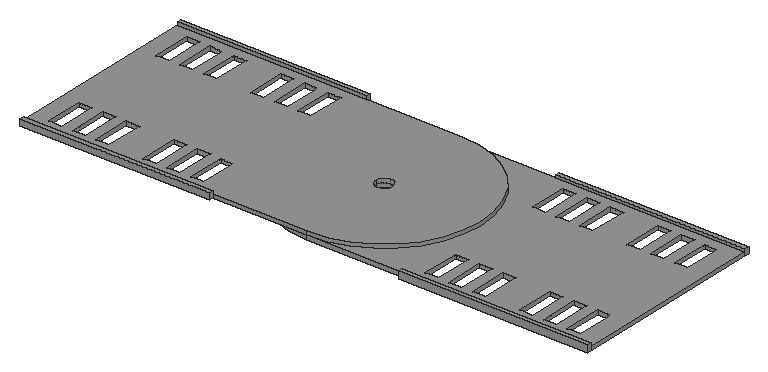
Revit family "Gelenkverbinder für Kabelrinne_ Seitenhöhe_110", category Generic Models, Revit 2015
Parameters (values of type "RGV 110 FT")
  URL = "http://www.obo-bettermann.com"
  Material = Steel, Galvanized
  Manufacturer Art.No. = "7082436"
  Manufacturer = "OBO Bettermann"
  GTIN = "4012196230952"
  Article Type = "RGV 110 FT"
Types (3, lengths in mm): name | Manufacturer Art.No. | GTIN | Article Type
  (no name) | "7082436" | "4012196230952" | "RGV 110 FT"
  RGV 110 FS | "7082037" | "4012196230655" | "RGV 110 FS"
  RGV 110 FT | "7082436" | "4012196230952" | "RGV 110 FT"
Reference planes
  plane 1 "Center (Front/Back)": y = 0
  plane 2: z = 0
  plane 3 "Center (Left/Right)": x = 0
  plane 4: x = -150
  plane 5: x = 150
  plane 6: y = 51
  plane 7: y = -51
  plane 8: y = 53
  plane 9: y = -53
  plane 10: x = -50
  plane 11: x = 50
  plane 12: x = -141
  plane 13: x = -134
  plane 14: x = -128.5
  plane 15: x = -121.5
  plane 16: x = -116
  plane 17: x = -109
  plane 18: x = -91
  plane 19: x = -84
  plane 20: x = -78.5
  plane 21: x = -71.5
  plane 22: x = -66
  plane 23: x = -59
  plane 24: y = 45.5
  plane 25: y = 25.5
  plane 26: y = -45.5
  plane 27: y = -25.5
  plane 28: z = 2
  plane 29: z = -2
  plane 30: z = 3.5
  plane 31: z = 1.5
  plane 32: x = 108
  plane 33: x = 90
  plane 34: x = 83
  plane 35: x = 115
  plane 36: x = 77.5
  plane 37: x = 120.5
  plane 38: x = 70.5
  plane 39: x = 127.5
  plane 40: x = 65
  plane 41: x = 58
  plane 42: x = 133
  plane 43: x = 140
Forms (mm)
  Extrusion 1, solid, material "Steel, Galvanized" <- "Material"
    sketch origin (0, 0, 0) x (1, 0, 0) y (0, 1, 0)
      loop
        line (0, 51) -> (-150, 51) -> (-150, -51) -> (0, -51)
        arc (0, -51) -> (51, 0) -> (0, 51) r 51
    from 0 to 2
  Extrusion 2, solid, material "Steel, Galvanized" <- "Material"
    sketch origin (0, 0, 0) x (1, 0, 0) y (0, 1, 0)
      loop
        line (0, -51) -> (150, -51) -> (150, 51) -> (0, 51)
        arc (0, 51) -> (-51, 0) -> (0, -51) r 51
    from -2 to 0
  Extrusion 3, solid, material "Steel, Galvanized" <- "Material"
    sketch origin (0, 0, 0) x (1, 0, 0) y (0, 1, 0)
      loop
        line (-50, 51) -> (-50, 53) -> (-150, 53) -> (-150, 51) -> (-50, 51)
      loop
        line (-50, -53) -> (-50, -51) -> (-150, -51) -> (-150, -53) -> (-50, -53)
    from 0 to 3.5
  Extrusion 4, solid, material "Steel, Galvanized" <- "Material"
    sketch origin (0, 0, 0) x (1, 0, 0) y (0, 1, 0)
      loop
        line (150, 51) -> (150, 53) -> (50, 53) -> (50, 51) -> (150, 51)
      loop
        line (150, -53) -> (150, -51) -> (50, -51) -> (50, -53) -> (150, -53)
    from -2 to 1.5
  Extrusion 5, void
    sketch origin (0, 0, 0) x (1, 0, 0) y (0, 1, 0)
      loop
        line (-141, 45.5) -> (-141, 25.5) -> (-134, 25.5) -> (-134, 45.5) -> (-141, 45.5)
      loop
        line (-128.5, 45.5) -> (-128.5, 25.5) -> (-121.5, 25.5) -> (-121.5, 45.5) -> (-128.5, 45.5)
      loop
        line (-109, 25.5) -> (-109, 45.5) -> (-116, 45.5) -> (-116, 25.5) -> (-109, 25.5)
      loop
        line (-91, 45.5) -> (-91, 25.5) -> (-84, 25.5) -> (-84, 45.5) -> (-91, 45.5)
      loop
        line (-78.5, 45.5) -> (-78.5, 25.5) -> (-71.5, 25.5) -> (-71.5, 45.5) -> (-78.5, 45.5)
      loop
        line (-59, 25.5) -> (-59, 45.5) -> (-66, 45.5) -> (-66, 25.5) -> (-59, 25.5)
      loop
        line (-134, -45.5) -> (-134, -25.5) -> (-141, -25.5) -> (-141, -45.5) -> (-134, -45.5)
      loop
        line (-121.5, -45.5) -> (-121.5, -25.5) -> (-128.5, -25.5) -> (-128.5, -45.5) -> (-121.5, -45.5)
      loop
        line (-116, -25.5) -> (-116, -45.5) -> (-109, -45.5) -> (-109, -25.5) -> (-116, -25.5)
      loop
        line (-91, -25.5) -> (-91, -45.5) -> (-84, -45.5) -> (-84, -25.5) -> (-91, -25.5)
      loop
        line (-78.5, -25.5) -> (-78.5, -45.5) -> (-71.5, -45.5) -> (-71.5, -25.5) -> (-78.5, -25.5)
      loop
        line (-66, -25.5) -> (-66, -45.5) -> (-59, -45.5) -> (-59, -25.5) -> (-66, -25.5)
    from -2 to 3.5
  Extrusion 6, void
    sketch origin (0, 0, 0) x (1, 0, 0) y (0, 1, 0)
      loop
        circle (0, 0) r 4.5
    from -2 to 2
  Extrusion 7, void
    sketch origin (0, 0, 0) x (1, 0, 0) y (0, 1, 0)
      loop
        line (140, 45.5) -> (133, 45.5) -> (133, 25.5) -> (140, 25.5) -> (140, 45.5)
      loop
        line (127.5, 25.5) -> (127.5, 45.5) -> (120.5, 45.5) -> (120.5, 25.5) -> (127.5, 25.5)
      loop
        line (115, 25.5) -> (115, 45.5) -> (108, 45.5) -> (108, 25.5) -> (115, 25.5)
      loop
        line (90, 25.5) -> (90, 45.5) -> (83, 45.5) -> (83, 25.5) -> (90, 25.5)
      loop
        line (77.5, 25.5) -> (77.5, 45.5) -> (70.5, 45.5) -> (70.5, 25.5) -> (77.5, 25.5)
      loop
        line (58, 45.5) -> (58, 25.5) -> (65, 25.5) -> (65, 45.5) -> (58, 45.5)
      loop
        line (58, -25.5) -> (58, -45.5) -> (65, -45.5) -> (65, -25.5) -> (58, -25.5)
      loop
        line (77.5, -45.5) -> (77.5, -25.5) -> (70.5, -25.5) -> (70.5, -45.5) -> (77.5, -45.5)
      loop
        line (83, -25.5) -> (83, -45.5) -> (90, -45.5) -> (90, -25.5) -> (83, -25.5)
      loop
        line (115, -45.5) -> (115, -25.5) -> (108, -25.5) -> (108, -45.5) -> (115, -45.5)
      loop
        line (120.5, -25.5) -> (120.5, -45.5) -> (127.5, -45.5) -> (127.5, -25.5) -> (120.5, -25.5)
      loop
        line (133, -25.5) -> (133, -45.5) -> (140, -45.5) -> (140, -25.5) -> (133, -25.5)
    from -2 to 2
Cuts and joins
  Extrusion 5, Extrusion 6 cuts Extrusion 1
  Extrusion 5, Extrusion 6, Extrusion 7 cuts Extrusion 2
Lines and regions (mm)
  reference lines
    curve 1: arc (0, 51, 0) -> (51, 0, 0) -> (0, -51, 0) r 51
    curve 2: arc (0, 51, 0) -> (-51, 0, 0) -> (0, -51, 0) r 51
    curve 3: arc (0, 51, 0) -> (-51, 0, 0) -> (0, -51, 0) r 51
    curve 4: arc (0, 51, 0) -> (51, 0, 0) -> (0, -51, 0) r 51
    curve 5: circle (0, 0, 0) r 4.5 normal (0, 0, 1)
Dimensions and locks
  equal spacing: plane 6, plane 1 "Center (Front/Back)", plane 7
  plane 4 to plane 3 "Center (Left/Right)" = 150 mm
  equal spacing: plane 4, plane 3 "Center (Left/Right)", plane 5
  locked: plane 6 to plane 7 at 102
  locked: plane 8 to plane 6 at 2
  locked: plane 7 to plane 9 at 2
  locked: plane 4 to plane 10 at 100
  locked: plane 11 to plane 5 at 100
  locked: plane 4 to plane 12 at 9
  locked: plane 12 to plane 13 at 7
  locked: plane 13 to plane 14 at 5.5
  locked: plane 14 to plane 15 at 7
  locked: plane 15 to plane 16 at 5.5
  locked: plane 16 to plane 17 at 7
  locked: plane 17 to plane 18 at 18
  locked: plane 18 to plane 19 at 7
  locked: plane 19 to plane 20 at 5.5
  locked: plane 20 to plane 21 at 7
  locked: plane 21 to plane 22 at 5.5
  locked: plane 22 to plane 23 at 7
  locked: plane 24 to plane 25 at 20
  locked: plane 27 to plane 26 at 20
  equal spacing: plane 25, plane 1 "Center (Front/Back)", plane 27
  locked: plane 25 to plane 27 at 51
  locked: level to plane 28 at 2
  locked: plane 29 to level at 2
  locked: level to plane 30 at 3.5
  locked: plane 29 to plane 31 at 3.5
  plane 33 to plane 32 = 18 mm
  locked: plane 34 to plane 33 at 7
  locked: plane 32 to plane 35 at 7
  locked: plane 36 to plane 34 at 5.5
  locked: plane 35 to plane 37 at 5.5
  locked: plane 38 to plane 36 at 7
  locked: plane 37 to plane 39 at 7
  locked: plane 40 to plane 38 at 5.5
  locked: plane 41 to plane 40 at 7
  locked: plane 39 to plane 42 at 5.5
  locked: plane 42 to plane 43 at 7
  aligned and locked: level to plane 2
  aligned and locked: plane 3 "Center (Left/Right)" to curve 1
  aligned and locked: plane 7 to curve 1
  aligned and locked: Extrusion 1 sketch curve to curve 1
  aligned and locked: Extrusion 1 sketch curve to plane 4
  aligned and locked: Extrusion 1 sketch curve to plane 7
  aligned and locked: Extrusion 1 to level
  aligned and locked: plane 28 to Extrusion 1
  aligned and locked: Extrusion 2 sketch curve to Extrusion 1
  aligned and locked: Extrusion 2 sketch curve to plane 5
  aligned and locked: plane 7 to Extrusion 2 sketch curve
  aligned and locked: Extrusion 2 to plane 29
  aligned and locked: level to Extrusion 2
  aligned and locked: plane 6 to Extrusion 3 sketch curve
  aligned and locked: Extrusion 3 sketch curve to plane 10
  aligned and locked: Extrusion 3 sketch curve to plane 8
  aligned and locked: plane 4 to Extrusion 3 sketch curve
  aligned and locked: plane 9 to Extrusion 3 sketch curve
  aligned and locked: Extrusion 3 sketch curve to Extrusion 1  (x2)
  aligned and locked: Extrusion 3 to level
  aligned and locked: plane 30 to Extrusion 3
  aligned and locked: Extrusion 4 sketch curve to Extrusion 2  (x2)
  aligned and locked: Extrusion 4 sketch curve to plane 8
  aligned and locked: plane 11 to Extrusion 4 sketch curve  (x2)
  aligned and locked: plane 9 to Extrusion 4 sketch curve
  aligned and locked: Extrusion 4 sketch curve to plane 5
  aligned and locked: Extrusion 4 sketch curve to plane 7
  aligned and locked: Extrusion 4 to plane 29
  aligned and locked: Extrusion 5 sketch curve to plane 24  (x5)
  aligned and locked: plane 12 to Extrusion 5 sketch curve
  aligned and locked: plane 25 to Extrusion 5 sketch curve  (x6)
  aligned and locked: Extrusion 5 sketch curve to plane 13
  aligned and locked: plane 14 to Extrusion 5 sketch curve  (x2)
  aligned and locked: Extrusion 5 sketch curve to plane 15  (x2)
  aligned and locked: Extrusion 5 sketch curve to plane 17  (x2)
  aligned and locked: plane 16 to Extrusion 5 sketch curve  (x2)
  aligned and locked: plane 18 to Extrusion 5 sketch curve  (x2)
  aligned and locked: Extrusion 5 sketch curve to plane 19  (x2)
  aligned and locked: plane 20 to Extrusion 5 sketch curve  (x2)
  aligned and locked: Extrusion 5 sketch curve to plane 21  (x2)
  aligned and locked: Extrusion 5 sketch curve to plane 23  (x2)
  aligned and locked: plane 22 to Extrusion 5 sketch curve  (x2)
  aligned and locked: plane 26 to Extrusion 5 sketch curve  (x5)
  aligned and locked: Extrusion 5 sketch curve to plane 27  (x5)
  aligned and locked: Extrusion 5 to plane 29
  aligned and locked: Extrusion 3 to Extrusion 5
  aligned and locked: Extrusion 6 sketch curve to curve 5
  aligned and locked: Extrusion 6 to plane 29
  aligned and locked: Extrusion 1 to Extrusion 6
  aligned and locked: Extrusion 7 sketch curve to plane 25
  aligned and locked: Extrusion 7 sketch curve to plane 42
  aligned and locked: plane 25 to Extrusion 7 sketch curve  (x5)
  aligned and locked: plane 37 to Extrusion 7 sketch curve  (x2)
  aligned and locked: Extrusion 7 sketch curve to plane 35  (x2)
  aligned and locked: Extrusion 7 sketch curve to plane 24  (x4)
  aligned and locked: plane 32 to Extrusion 7 sketch curve  (x2)
  aligned and locked: Extrusion 7 sketch curve to plane 33  (x2)
  aligned and locked: plane 34 to Extrusion 7 sketch curve  (x2)
  aligned and locked: Extrusion 7 sketch curve to plane 36  (x2)
  aligned and locked: plane 38 to Extrusion 7 sketch curve  (x2)
  aligned and locked: plane 41 to Extrusion 7 sketch curve  (x2)
  aligned and locked: Extrusion 7 sketch curve to plane 40  (x2)
  aligned and locked: Extrusion 7 sketch curve to plane 27  (x6)
  aligned and locked: plane 26 to Extrusion 7 sketch curve  (x6)
  aligned and locked: Extrusion 7 sketch curve to plane 39
  aligned and locked: plane 42 to Extrusion 7 sketch curve
  aligned and locked: Extrusion 7 sketch curve to plane 43
  aligned and locked: Extrusion 7 to plane 29
  aligned and locked: plane 28 to Extrusion 7
Automatic sketch dimensions
  curve 1 to curve 2 = 0 mm
  curve 1 to curve 3 = 0 mm  (x2)
  curve 1 to curve 4 = 0 mm
  curve 1 to curve 5 = 0 mm  (x2)
  curve 2 to curve 3 = 0 mm
  curve 2 to curve 4 = 0 mm
  curve 2 to curve 5 = 0 mm
  curve 3 to curve 4 = 0 mm
  curve 3 to curve 5 = 0 mm
  curve 4 to curve 5 = 0 mm
  curve 4 to plane 7 = 0 mm
  plane 1 "Center (Front/Back)" to curve 4 = 0 mm
  Extrusion 2 sketch curve to plane 3 "Center (Left/Right)" = 0 mm
  Extrusion 3 sketch curve to plane 10 = 0 mm
  Extrusion 5 sketch curve to plane 12 = 0 mm
  Extrusion 5 sketch curve to plane 13 = 0 mm
  Extrusion 5 sketch curve to plane 26 = 0 mm
  Extrusion 5 sketch curve to plane 27 = 0 mm
  Extrusion 5 sketch curve to plane 24 = 0 mm
  Extrusion 7 sketch curve to plane 24 = 0 mm  (x2)
  Extrusion 7 sketch curve to plane 39 = 0 mm
  Extrusion 7 sketch curve to plane 43 = 0 mm
  radius of curve 5 = 4.5 mm
